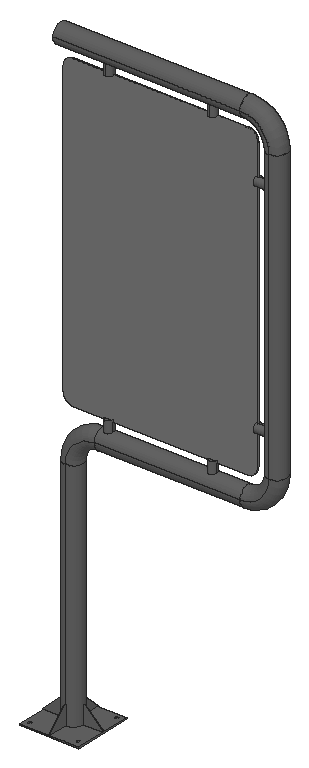
Revit family "FS_Баннер_Карта большая Яуза A 1.0_R16", category Антураж, Revit 2016
Family settings
  На основе рабочей плоскости = Нет
  Всегда вертикально = Да
  При загрузке вырезать с полостями = Нет
  Источник визуального образа = Геометрия семейства
  Общий = Нет
  Точка расчета площади = Нет
Parameters (values of type "Карта большая «Яуза» А 1.0")
  Усиление_Ширина = (Основание_Ширина - Диаметр) / 2  # 76 mm
  Стоимость = 15500
  Основание_Ширина = 228 mm
  Основание_Толщина = 6 mm
  Материал таблички = FS_Краска
  Комментарии к типоразмеру = "Материал: сталь"  # constant formula
  Изготовитель = "ООО 'Хоббика'"  # constant formula
  Диаметр = 76 mm
  Высота = 2400 mm  # constant formula
  URL = "https://hobbyka.ru/product/ukazatel_yauzaa11_bolshaya_karta/?sphrase_id=88630#close_popup_window"
  ADSK_Наименование = "Карта большая «Яуза» А 1.0"
  ADSK_Материал = FS_Сталь
  ADSK_Код изделия = "11072"  # constant formula
Reference planes
  plane 1 "По центру (Вперед/Назад)": y = 0
  plane 2: z = 0
  plane 3 "По центру (Влево/Вправо)": x = 0
  plane 4: y = 114
  plane 5: x = -114
  plane 6: y = -114
  plane 7: x = 114
  plane 8: z = 6
  plane 9: x = -93
  plane 10: y = 93
  plane 11: x = 93
  plane 12: y = -93
  plane 13: x = -38
  plane 14: x = 38
  plane 15: z = 82
  plane 16: z = 76
  plane 17: y = 38
  plane 18: y = -38
  plane 19: x = 537
  plane 20: x = 137
  plane 21: z = 1018
  plane 22: z = 2362
  plane 23: x = 784
  plane 24: z = 2114.999
  plane 25: z = 1265.001
Forms (mm)
  Extrusion 1, solid, material "FS_Сталь" <- "ADSK_Материал"
    sketch origin (0, 0, 0) x (1, 0, 0) y (0, 1, 0)
      loop
        line (-114, 114) -> (-114, -114) -> (114, -114) -> (114, 114) -> (-114, 114)
    from 0 to 6
  Sweep 2, solid, material "FS_Сталь" <- "ADSK_Материал"
    path origin (0, 0, 0) x (1, 0, 0) y (0, 0, 1)
      loop
        line (-47.5, 2362) -> (672, 2362)
        arc (672, 2362) -> (751.196, 2329.196) -> (784, 2250) r 112
        line (784, 2250) -> (784, 1130)
        arc (784, 1130) -> (751.196, 1050.804) -> (672, 1018) r 112
        line (672, 1018) -> (112, 1018)
        arc (112, 1018) -> (32.804, 985.196) -> (0, 906) r 112
        line (0, 906) -> (0, 6)
    profile origin (784, 0, 1690) x (0, -1, 0) y (1, 0, 0)
      loop
        circle (0, 0) r 38
  Extrusion 3, void
    sketch origin (0, 0, 0) x (1, 0, 0) y (0, 1, 0)
      loop
        circle (-93, 93) r 5
      loop
        circle (93, 93) r 5
      loop
        circle (93, -93) r 5
      loop
        circle (-93, -93) r 5
    from 0 to 6
  Extrusion 4, solid, material "FS_Сталь" <- "ADSK_Материал"
    sketch origin (0, 0, 0) x (1, 0, 0) y (0, 0, 1)
      loop
        line (-114, 6) -> (-34, 6) -> (-34, 76) -> (-44, 76) -> (-114, 6)
      loop
        line (114, 6) -> (44, 76) -> (34, 76) -> (34, 6) -> (114, 6)
    from -2 to 2
  Extrusion 5, solid, material "FS_Сталь" <- "ADSK_Материал"
    sketch origin (0, 0, 0) x (0, -1, 0) y (0, 0, 1)
      loop
        line (-114, 6) -> (-34, 6) -> (-34, 76) -> (-44, 76) -> (-114, 6)
      loop
        line (114, 6) -> (44, 76) -> (34, 76) -> (34, 6) -> (114, 6)
    from -2 to 2
  Extrusion 6, solid, material "FS_Краска" <- "Материал таблички"
    sketch origin (0, 0, 0) x (1, 0, 0) y (0, 0, 1)
      loop
        line (672, 2290) -> (2, 2290)
        arc (2, 2290) -> (-26.284, 2278.284) -> (-38, 2250) r 40
        line (-38, 2250) -> (-38, 1130)
        arc (-38, 1130) -> (-26.284, 1101.716) -> (2, 1090) r 40
        line (2, 1090) -> (672, 1090)
        arc (672, 1090) -> (700.284, 1101.716) -> (712, 1130) r 40
        line (712, 1130) -> (712, 2250)
        arc (712, 2250) -> (700.284, 2278.284) -> (672, 2290) r 40
    from -1 to 1
  Extrusion 7, solid, material "FS_Сталь" <- "ADSK_Материал"
    sketch origin (672, -1524, 1018) x (-1, 0, 0) y (0, -1, 0)
      loop
        circle (535, -1524) r 16.5
      loop
        circle (135, -1524) r 16.5
    from 0 to 77
  Extrusion 8, solid, material "FS_Сталь" <- "ADSK_Материал"
    sketch origin (-38, -1524, 2362) x (0, -1, 0) y (-1, 0, 0)
      loop
        circle (-1524, -175) r 16.5
      loop
        circle (-1524, -575) r 16.5
    from 0 to 77
  Extrusion 9, solid, material "FS_Сталь" <- "ADSK_Материал"
    sketch origin (784, -1524, 2250) x (0, 0, -1) y (0, -1, 0)
      loop
        circle (135.001, -1524) r 16.5
      loop
        circle (984.999, -1524) r 16.5
    from 0 to 77
Cuts and joins
  Extrusion 3 cuts Extrusion 1
  joined: Sweep 2, Extrusion 4, Extrusion 5, Extrusion 7, Extrusion 8, Extrusion 9
Dimensions and locks
  "Основание_Толщина": plane 8 to level
  equal spacing: plane 5, plane 3 "По центру (Влево/Вправо)", plane 7
  "Основание_Ширина": plane 5 to plane 7
  equal spacing: plane 4, plane 1 "По центру (Вперед/Назад)", plane 6
  "Основание_Ширина": plane 4 to plane 6
  locked: plane 5 to plane 9 at 21
  locked: plane 11 to plane 7 at 21
  locked: plane 4 to plane 10 at 21
  locked: plane 12 to plane 6 at 21
  locked: plane 9 to Extrusion 3 sketch curve at 0  (x2)
  locked: plane 10 to Extrusion 3 sketch curve at 0  (x2)
  locked: plane 12 to Extrusion 3 sketch curve at 0  (x2)
  locked: plane 11 to Extrusion 3 sketch curve at 0  (x2)
  "Усиление_Ширина": plane 15 to plane 8
  locked: plane 15 to plane 16 at 6
  locked: Extrusion 4 sketch curve to plane 13 at 4
  locked: plane 14 to Extrusion 4 sketch curve at 4
  "Диаметр": plane 17 to plane 18
  equal spacing: plane 17, plane 1 "По центру (Вперед/Назад)", plane 18
  locked: plane 17 to Extrusion 5 sketch curve at 4
  locked: Extrusion 5 sketch curve to plane 18 at 4
  equal spacing: plane 14, plane 3 "По центру (Влево/Вправо)", plane 13
  "Диаметр": plane 14 to plane 13
  "Диаметр": diameter of Sweep 2 sketch curve
  locked: plane 8 to Extrusion 4 sketch curve (angle 45.00°)
  locked: Extrusion 4 sketch curve to plane 8 (angle 45.00°)
  aligned and locked: level to plane 2
  aligned and locked: Extrusion 1 sketch curve to plane 4
  aligned and locked: plane 5 to Extrusion 1 sketch curve
  aligned and locked: Extrusion 1 sketch curve to plane 6
  aligned and locked: plane 7 to Extrusion 1 sketch curve
  aligned and locked: plane 8 to Extrusion 1
  aligned and locked: Extrusion 1 to level
  aligned and locked: plane 8 to Extrusion 3
  aligned and locked: Extrusion 3 to level
  aligned and locked: Extrusion 4 sketch curve to plane 8
  aligned and locked: Extrusion 4 sketch curve to plane 16
  aligned and locked: plane 8 to Extrusion 4 sketch curve
  aligned and locked: Extrusion 5 sketch curve to plane 16
  aligned and locked: plane 16 to Extrusion 5 sketch curve
  aligned and locked: Extrusion 5 sketch curve to plane 8
  aligned and locked: plane 8 to Extrusion 5 sketch curve
Automatic sketch dimensions
  Extrusion 4 sketch curve to plane 5 = 0 mm
  Extrusion 4 sketch curve to plane 16 = 0 mm
  plane 7 to Extrusion 4 sketch curve = 0 mm
  Extrusion 4 sketch curve to plane 8 = 0 mm
  Extrusion 5 sketch curve to plane 4 = 0 mm
  Extrusion 5 sketch curve to plane 6 = 0 mm
  Extrusion 5 sketch curve to Extrusion 5 sketch curve = 10 mm  (x2)
  Sweep 2 sketch curve to Sweep 2 sketch curve = 112 mm  (x2)
  Sweep 2 sketch curve to plane 13 = 9.5 mm
  plane 7 to Sweep 2 sketch curve = 2 mm
  Sweep 2 sketch curve to plane 3 "По центру (Влево/Вправо)" = 0 mm
  Sweep 2 sketch curve to plane 8 = 0 mm
  Extrusion 6 sketch curve to plane 13 = 0 mm
  plane 3 "По центру (Влево/Вправо)" to Extrusion 6 sketch curve = 2 mm  (x2)
  Extrusion 6 sketch curve to Extrusion 6 sketch curve = 40 mm  (x2)
  Sweep 2 sketch curve to Sweep 2 sketch curve = 1120 mm
  Extrusion 6 sketch curve to Extrusion 6 sketch curve = 1120 mm
  Sweep 2 sketch curve to plane 19 = 135 mm
  Extrusion 6 sketch curve to plane 19 = 135 mm
  plane 15 to Sweep 2 sketch curve = 824 mm
  plane 15 to Extrusion 6 sketch curve = 1008 mm
  plane 1 "По центру (Вперед/Назад)" to Extrusion 7 sketch curve = 0 mm  (x2)
  Extrusion 7 sketch curve to plane 19 = 0 mm
  Extrusion 7 sketch curve to plane 20 = 0 mm
  plane 1 "По центру (Вперед/Назад)" to Extrusion 8 sketch curve = 0 mm  (x2)
  Extrusion 8 sketch curve to plane 20 = 0 mm
  Extrusion 8 sketch curve to plane 19 = 0 mm
  Extrusion 9 sketch curve to plane 1 "По центру (Вперед/Назад)" = 0 mm  (x2)
  plane 24 to Extrusion 9 sketch curve = 0 mm
  plane 25 to Extrusion 9 sketch curve = 0 mm
  plane 1 "По центру (Вперед/Назад)" to Sweep 2 sketch curve = 0 mm
  Sweep 2 sketch curve to profile plane = 0 mm
  radius of Extrusion 3 sketch curve = 5 mm  (x4)
  radius of Extrusion 7 sketch curve = 16.5 mm  (x2)
  radius of Extrusion 8 sketch curve = 16.5 mm  (x2)
  radius of Extrusion 9 sketch curve = 16.5 mm  (x2)
